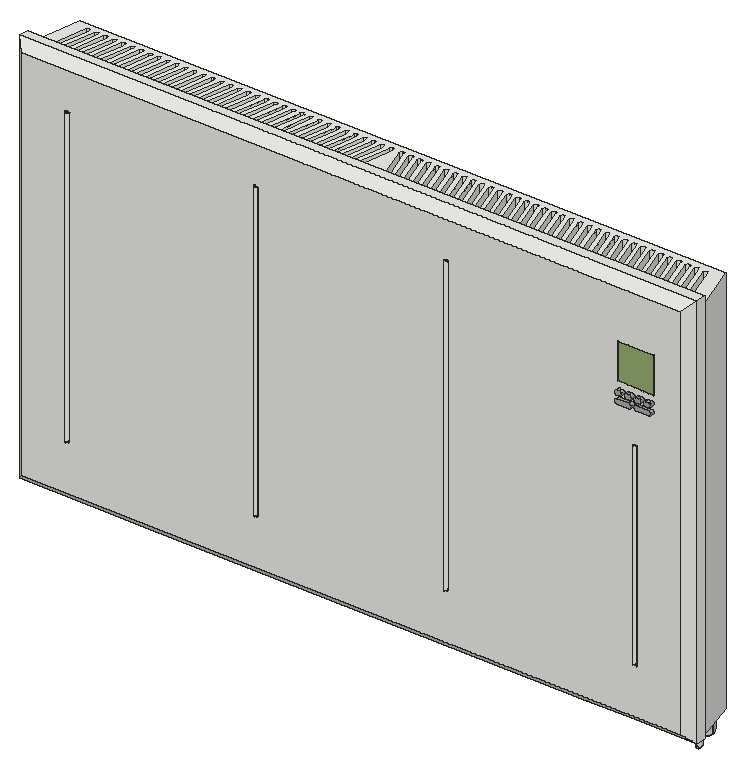
Revit family "MDN 750 PLUS", category Mechanical Equipment, Revit 2018 (continued)
Forms (mm)
  Revolve 65, void
    sketch origin (502.5, 200, 2) x (1, 0, 0) y (0, 1, 0)
      axis (-345, -164.5) -> (-340, -164.5)
    angle from 0 to -90
  Revolve 66, void
    sketch origin (522.5, 200, 2) x (1, 0, 0) y (0, 1, 0)
      loop
        line (-345, -164.5) -> (-345, -177)
        arc (-345, -177) -> (-342.5, -179.5) -> (-340, -177) r 2.5
        line (-340, -177) -> (-340, -164.5) -> (-345, -164.5)
      axis (-345, -164.5) -> (-340, -164.5)
    angle from 0 to -90
  Revolve 67, void
    sketch origin (542.5, 200, 2) x (1, 0, 0) y (0, 1, 0)
      loop
        line (-345, -164.5) -> (-345, -177)
        arc (-345, -177) -> (-342.5, -179.5) -> (-340, -177) r 2.5
        line (-340, -177) -> (-340, -164.5) -> (-345, -164.5)
      axis (-345, -164.5) -> (-340, -164.5)
    angle from 0 to -90
  Revolve 68, void
    sketch origin (532.5, 200, 2) x (1, 0, 0) y (0, 1, 0)
      loop
        line (-345, -164.5) -> (-345, -177)
        arc (-345, -177) -> (-342.5, -179.5) -> (-340, -177) r 2.5
        line (-340, -177) -> (-340, -164.5) -> (-345, -164.5)
      axis (-345, -164.5) -> (-340, -164.5)
    angle from 0 to -90
  Revolve 69, void
    sketch origin (562.5, 200, 2) x (1, 0, 0) y (0, 1, 0)
      loop
        line (-345, -164.5) -> (-345, -177)
        arc (-345, -177) -> (-342.5, -179.5) -> (-340, -177) r 2.5
        line (-340, -177) -> (-340, -164.5) -> (-345, -164.5)
      axis (-345, -164.5) -> (-340, -164.5)
    angle from 0 to -90
  Revolve 70, void
    sketch origin (552.5, 200, 2) x (1, 0, 0) y (0, 1, 0)
      loop
        line (-345, -164.5) -> (-345, -177)
        arc (-345, -177) -> (-342.5, -179.5) -> (-340, -177) r 2.5
        line (-340, -177) -> (-340, -164.5) -> (-345, -164.5)
      axis (-345, -164.5) -> (-340, -164.5)
    angle from 0 to -90
  Revolve 71, void
    sketch origin (572.5, 200, 2) x (1, 0, 0) y (0, 1, 0)
      loop
        line (-345, -164.5) -> (-345, -177)
        arc (-345, -177) -> (-342.5, -179.5) -> (-340, -177) r 2.5
        line (-340, -177) -> (-340, -164.5) -> (-345, -164.5)
      axis (-345, -164.5) -> (-340, -164.5)
    angle from 0 to -90
  Revolve 72, void
    sketch origin (582.5, 200, 2) x (1, 0, 0) y (0, 1, 0)
      loop
        line (-345, -164.5) -> (-345, -177)
        arc (-345, -177) -> (-342.5, -179.5) -> (-340, -177) r 2.5
        line (-340, -177) -> (-340, -164.5) -> (-345, -164.5)
      axis (-345, -164.5) -> (-340, -164.5)
    angle from 0 to -90
  Extrusion 73, void
    sketch origin (0, 0, 0) x (1, 0, 0) y (0, 1, 0)
      loop
        circle (286, -13) r 2
      loop
        circle (264, -13) r 2
      loop
        circle (286, 21) r 2
      loop
        circle (264, 21) r 2
      loop
        circle (-264, -13) r 2
      loop
        circle (-286, -13) r 2
      loop
        circle (-264, 21) r 2
      loop
        circle (-286, 21) r 2
    from 2 to 7
  Extrusion 74, solid, material "Zwart" <- "Zwart"
    sketch origin (0, 0, 0) x (1, 0, 0) y (0, 1, 0)
      loop
        circle (357, -0.5) r 7
    from 0.5 to 2
  Revolve 75, solid, material "Laquer White" <- "Colour"
    sketch origin (357, 0, 0) x (0, 1, 0) y (0, 0, 1)
      loop
        line (-0.5, 0.5) -> (-0.5, -21.5)
        arc (-0.5, -21.5) -> (1.621, -20.621) -> (2.5, -18.5) r 3
        line (2.5, -18.5) -> (2.5, 0.5) -> (-0.5, 0.5)
      axis (-0.5, 0.5) -> (-0.5, -21.5)
    angle from 0 to 360
  Extrusion 76, solid, material "Metaal" <- "Beugel"
    sketch origin (0, 0, 0) x (1, 0, 0) y (0, 0, 1)
      loop
        line (-201, 412) -> (-201, 402) -> (-222, 402) -> (-222, 367) -> (-22, 367) -> (-22, 32) -> (22, 32) -> (22, 367) -> (222, 367) -> (222, 402) -> (201, 402) -> (201, 412) -> (-201, 412)
      loop
        arc (-3, 51) -> (0, 42) -> (3, 51) r 5
        line (3, 51) -> (3, 62)
        arc (3, 62) -> (0, 65) -> (-3, 62) r 3
        line (-3, 62) -> (-3, 51)
      loop
        arc (-210, 381) -> (-207, 372) -> (-204, 381) r 5
        line (-204, 381) -> (-204, 392)
        arc (-204, 392) -> (-207, 395) -> (-210, 392) r 3
        line (-210, 392) -> (-210, 381)
      loop
        arc (204, 381) -> (207, 372) -> (210, 381) r 5
        line (210, 381) -> (210, 392)
        arc (210, 392) -> (207, 395) -> (204, 392) r 3
        line (204, 392) -> (204, 381)
    from -50.5 to -35.5
  Extrusion 77, void
    sketch origin (0, 0, 0) x (0, 1, 0) y (0, 0, 1)
      loop
        line (50.5, 412) -> (44.5, 412) -> (50.5, 402) -> (50.5, 412)
    from -201 to 201
  Extrusion 78, void
    sketch origin (0, 0, 0) x (0, 1, 0) y (0, 0, 1)
      loop
        line (35.5, 412) -> (35.5, 32.8) -> (49.7, 32.8) -> (49.7, 401.778) -> (43.567, 412) -> (35.5, 412)
    from -221.2 to 221.2
Cuts and joins
  Sweep 2, Blend 3, Blend 4, Blend 5, Blend 6, Extrusion 7, Extrusion 14, Extrusion 15 cuts Extrusion 1
  Extrusion 11, Extrusion 12, Extrusion 13, Extrusion 16, Revolve 17, Revolve 18, Revolve 19, Revolve 20, Revolve 21, Revolve 22, Revolve 23, Revolve 24, Revolve 25, Revolve 26, Revolve 27, Revolve 28, Revolve 29, Revolve 30, Revolve 31, Revolve 32, Revolve 33, Revolve 34, Revolve 35, Revolve 36, Revolve 37, Revolve 38, Revolve 39, Revolve 40, Revolve 41, Revolve 42, Revolve 43, Revolve 44, Revolve 45, Revolve 46, Revolve 47, Revolve 48, Revolve 49, Revolve 50, Revolve 51, Revolve 52, Revolve 53, Revolve 54, Revolve 55, Revolve 56, Revolve 57, Revolve 58, Revolve 59, Revolve 60, Revolve 61, Revolve 62, Revolve 63, Revolve 64, Revolve 65, Revolve 66, Revolve 67, Revolve 68, Revolve 69, Revolve 70, Revolve 71, Revolve 72, Extrusion 73 cuts Extrusion 10
  Extrusion 77, Extrusion 78 cuts Extrusion 76
Lines and regions (mm)
  sketch lines
    curve 1: line (375, -35.5, 440) -> (-375, -35.5, 440)
    curve 2: line (375, -35.5, 0) -> (375, -35.5, 440)
    curve 3: line (-375, -35.5, 0) -> (375, -35.5, 0)
    curve 4: line (-375, -35.5, 440) -> (-375, -35.5, 0)
Dimensions and locks
  equal spacing: plane 8, plane 1 "Center (Front/Back)", plane 7
  "Diepte": plane 8 to plane 7
  equal spacing: plane 5, plane 3 "Center (Left/Right)", plane 4
  "Breedte": plane 5 to plane 4
  "Hoogte": plane 6 to level
  aligned and locked: level to plane 2
  aligned and locked: profile plane to Sweep 2 sketch curve  (x2)
Automatic sketch dimensions
  Extrusion 1 sketch curve to level = 0 mm
  Extrusion 1 sketch curve to plane 5 = 0 mm
  Extrusion 1 sketch curve to plane 4 = 0 mm
  Extrusion 1 sketch curve to plane 6 = 0 mm
  profile plane to Sweep 2 sketch curve = 10 mm
  Sweep 2 sketch curve to profile plane = 10 mm
  Blend 3 sketch curve to plane 4 = 61 mm
  Blend 3 sketch curve to Blend 3 sketch curve = 1 mm  (x4)
  level to Blend 3 sketch curve = 62 mm
  Blend 3 sketch curve to plane 6 = 162 mm
  Blend 3 sketch curve to plane 4 = 64 mm
  Blend 3 sketch curve to Blend 3 sketch curve = 5 mm  (x2)
  level to Blend 3 sketch curve = 60 mm
  Blend 3 sketch curve to plane 6 = 161 mm
  plane 5 to Blend 4 sketch curve = 60 mm
  Blend 4 sketch curve to Blend 4 sketch curve = 1 mm  (x4)
  level to Blend 4 sketch curve = 62 mm
  Blend 4 sketch curve to plane 6 = 52 mm
  plane 5 to Blend 4 sketch curve = 57 mm
  Blend 4 sketch curve to Blend 4 sketch curve = 5 mm  (x2)
  level to Blend 4 sketch curve = 60 mm
  Blend 4 sketch curve to plane 6 = 51 mm
  Blend 5 sketch curve to plane 3 "Center (Left/Right)" = 106 mm
  Blend 5 sketch curve to Blend 5 sketch curve = 1 mm  (x4)
  level to Blend 5 sketch curve = 62 mm
  Blend 5 sketch curve to plane 6 = 52 mm
  Blend 5 sketch curve to plane 3 "Center (Left/Right)" = 109 mm
  Blend 5 sketch curve to Blend 5 sketch curve = 5 mm  (x2)
  level to Blend 5 sketch curve = 60 mm
  Blend 5 sketch curve to plane 6 = 51 mm
  plane 3 "Center (Left/Right)" to Blend 6 sketch curve = 105 mm
  Blend 6 sketch curve to Blend 6 sketch curve = 1 mm  (x4)
  level to Blend 6 sketch curve = 62 mm
  Blend 6 sketch curve to plane 6 = 52 mm
  plane 3 "Center (Left/Right)" to Blend 6 sketch curve = 102 mm
  Blend 6 sketch curve to Blend 6 sketch curve = 5 mm  (x2)
  level to Blend 6 sketch curve = 60 mm
  Blend 6 sketch curve to plane 6 = 51 mm
  Extrusion 7 sketch curve to plane 4 = 80 mm
  Extrusion 7 sketch curve to plane 4 = 40 mm
  Extrusion 7 sketch curve to plane 6 = 104 mm
  Extrusion 7 sketch curve to Extrusion 7 sketch curve = 40 mm
  Extrusion 8 sketch curve to plane 4 = 80 mm
  Extrusion 8 sketch curve to plane 4 = 40 mm
  Extrusion 8 sketch curve to plane 6 = 104 mm
  Extrusion 8 sketch curve to Extrusion 8 sketch curve = 40 mm
  Extrusion 9 sketch curve to plane 4 = 77.5 mm
  Extrusion 9 sketch curve to Extrusion 9 sketch curve = 0 mm  (x3)
  Extrusion 9 sketch curve to Extrusion 9 sketch curve = 2.8 mm  (x5)
  Extrusion 9 sketch curve to Extrusion 9 sketch curve = 7.9 mm  (x2)
  Extrusion 9 sketch curve to Extrusion 9 sketch curve = 8 mm  (x2)
  Extrusion 9 sketch curve to plane 6 = 123.5 mm
  Extrusion 9 sketch curve to Extrusion 9 sketch curve = 2.5 mm  (x6)
  Extrusion 9 sketch curve to Extrusion 9 sketch curve = 3.5 mm  (x4)
  Extrusion 10 sketch curve to plane 7 = 0 mm
  level to Extrusion 10 sketch curve = 2 mm
  Extrusion 10 sketch curve to plane 8 = 10 mm
  Extrusion 10 sketch curve to plane 6 = 11.98 mm
  Extrusion 10 sketch curve to plane 6 = 6 mm
  plane 7 to Extrusion 11 sketch curve = 0 mm
  Extrusion 11 sketch curve to plane 4 = 17.592 mm
  Extrusion 11 sketch curve to plane 4 = 2 mm
  plane 1 "Center (Front/Back)" to Extrusion 11 sketch curve = 15.5 mm
  plane 7 to Extrusion 12 sketch curve = 0 mm
  Extrusion 12 sketch curve to plane 5 = 17.592 mm
  Extrusion 12 sketch curve to plane 5 = 2 mm
  Extrusion 12 sketch curve to plane 1 "Center (Front/Back)" = 15.5 mm
  plane 1 "Center (Front/Back)" to Extrusion 13 sketch curve = 6.378 mm  (x70)
  plane 5 to Extrusion 13 sketch curve = 19.789 mm
  Extrusion 13 sketch curve to Extrusion 13 sketch curve = 2.391 mm  (x280)
  plane 1 "Center (Front/Back)" to Extrusion 13 sketch curve = 7.84 mm  (x69)
  Extrusion 13 sketch curve to Extrusion 13 sketch curve = 5.118 mm  (x136)
  plane 7 to Extrusion 13 sketch curve = 8.408 mm  (x68)
  plane 5 to Extrusion 13 sketch curve = 30.022 mm
  plane 7 to Extrusion 13 sketch curve = 9.87 mm  (x68)
  plane 3 "Center (Left/Right)" to Extrusion 13 sketch curve = 3.597 mm
  plane 3 "Center (Left/Right)" to Extrusion 13 sketch curve = 13.83 mm
  Extrusion 13 sketch curve to Extrusion 13 sketch curve = 1.462 mm  (x2)
  Extrusion 13 sketch curve to Extrusion 13 sketch curve = 0 mm
  Extrusion 13 sketch curve to Extrusion 13 sketch curve = 0.731 mm  (x2)
  Extrusion 14 sketch curve to plane 8 = 10 mm
  Extrusion 14 sketch curve to plane 4 = 122 mm
  plane 1 "Center (Front/Back)" to Extrusion 14 sketch curve = 15.5 mm
  Extrusion 14 sketch curve to Extrusion 14 sketch curve = 44 mm
  plane 8 to Extrusion 15 sketch curve = 10 mm
  Extrusion 15 sketch curve to plane 5 = 122 mm
  Extrusion 15 sketch curve to plane 1 "Center (Front/Back)" = 15.5 mm
  Extrusion 15 sketch curve to Extrusion 15 sketch curve = 44 mm
  plane 5 to Extrusion 16 sketch curve = 25 mm
  Extrusion 16 sketch curve to Extrusion 16 sketch curve = 2.5 mm  (x57)
  Extrusion 16 sketch curve to Extrusion 16 sketch curve = 5 mm  (x54)
  plane 1 "Center (Front/Back)" to Extrusion 16 sketch curve = 9 mm  (x31)
  Extrusion 16 sketch curve to Extrusion 16 sketch curve = 57.967 mm
  Extrusion 16 sketch curve to Extrusion 16 sketch curve = 2.266 mm
  plane 3 "Center (Left/Right)" to Extrusion 16 sketch curve = 2.5 mm
  Extrusion 16 sketch curve to Extrusion 16 sketch curve = 57.5 mm
  Extrusion 16 sketch curve to Extrusion 16 sketch curve = 0 mm  (x76)
  Extrusion 16 sketch curve to plane 1 "Center (Front/Back)" = 16 mm  (x9)
  plane 7 to Revolve 17 sketch curve = 0 mm  (x2)
  plane 5 to Revolve 17 sketch curve = 30 mm
  Revolve 17 sketch curve to Revolve 17 sketch curve = 2.5 mm  (x3)
  plane 7 to Revolve 17 sketch curve = 12.5 mm
  plane 7 to Revolve 18 sketch curve = 0 mm  (x2)
  plane 5 to Revolve 18 sketch curve = 20 mm
  Revolve 18 sketch curve to Revolve 18 sketch curve = 2.5 mm  (x3)
  plane 7 to Revolve 18 sketch curve = 12.5 mm
  plane 7 to Revolve 19 sketch curve = 0 mm  (x2)
  plane 7 to Revolve 19 sketch curve = 12.5 mm
  plane 5 to Revolve 19 sketch curve = 40 mm
  Revolve 19 sketch curve to Revolve 19 sketch curve = 2.5 mm  (x3)
  plane 7 to Revolve 20 sketch curve = 0 mm  (x2)
  plane 7 to Revolve 20 sketch curve = 12.5 mm
  plane 5 to Revolve 20 sketch curve = 60 mm
  Revolve 20 sketch curve to Revolve 20 sketch curve = 2.5 mm  (x3)
  plane 7 to Revolve 21 sketch curve = 0 mm  (x2)
  plane 7 to Revolve 21 sketch curve = 12.5 mm
  plane 5 to Revolve 21 sketch curve = 50 mm
  Revolve 21 sketch curve to Revolve 21 sketch curve = 2.5 mm  (x3)
  plane 7 to Revolve 22 sketch curve = 0 mm  (x2)
  plane 7 to Revolve 22 sketch curve = 12.5 mm
  Revolve 22 sketch curve to plane 4 = 60 mm
  Revolve 22 sketch curve to Revolve 22 sketch curve = 2.5 mm  (x3)
  plane 7 to Revolve 23 sketch curve = 0 mm  (x2)
  plane 7 to Revolve 23 sketch curve = 12.5 mm
  Revolve 23 sketch curve to plane 4 = 50 mm
  Revolve 23 sketch curve to Revolve 23 sketch curve = 2.5 mm  (x3)
  plane 7 to Revolve 24 sketch curve = 0 mm  (x2)
  plane 7 to Revolve 24 sketch curve = 12.5 mm
  plane 5 to Revolve 24 sketch curve = 142.5 mm
  Revolve 24 sketch curve to Revolve 24 sketch curve = 2.5 mm  (x3)
  plane 7 to Revolve 25 sketch curve = 0 mm  (x2)
  plane 7 to Revolve 25 sketch curve = 12.5 mm
  plane 5 to Revolve 25 sketch curve = 132.5 mm
  Revolve 25 sketch curve to Revolve 25 sketch curve = 2.5 mm  (x3)
  plane 7 to Revolve 26 sketch curve = 0 mm  (x2)
  plane 7 to Revolve 26 sketch curve = 12.5 mm
  plane 5 to Revolve 26 sketch curve = 152.5 mm
  Revolve 26 sketch curve to Revolve 26 sketch curve = 2.5 mm  (x3)
  plane 7 to Revolve 27 sketch curve = 0 mm  (x2)
  plane 7 to Revolve 27 sketch curve = 12.5 mm
  plane 5 to Revolve 27 sketch curve = 172.5 mm
  Revolve 27 sketch curve to Revolve 27 sketch curve = 2.5 mm  (x3)
  plane 7 to Revolve 28 sketch curve = 0 mm  (x2)
  plane 7 to Revolve 28 sketch curve = 12.5 mm
  plane 5 to Revolve 28 sketch curve = 162.5 mm
  Revolve 28 sketch curve to Revolve 28 sketch curve = 2.5 mm  (x3)
  plane 7 to Revolve 29 sketch curve = 0 mm  (x2)
  plane 7 to Revolve 29 sketch curve = 12.5 mm
  Revolve 29 sketch curve to plane 3 "Center (Left/Right)" = 182.5 mm
  Revolve 29 sketch curve to Revolve 29 sketch curve = 2.5 mm  (x3)
  plane 7 to Revolve 30 sketch curve = 0 mm  (x2)
  plane 7 to Revolve 30 sketch curve = 12.5 mm
  plane 5 to Revolve 30 sketch curve = 182.5 mm
  Revolve 30 sketch curve to Revolve 30 sketch curve = 2.5 mm  (x3)
  plane 7 to Revolve 31 sketch curve = 0 mm  (x2)
  plane 7 to Revolve 31 sketch curve = 12.5 mm
  Revolve 31 sketch curve to plane 3 "Center (Left/Right)" = 172.5 mm
  Revolve 31 sketch curve to Revolve 31 sketch curve = 2.5 mm  (x3)
  plane 7 to Revolve 32 sketch curve = 0 mm  (x2)
  plane 7 to Revolve 32 sketch curve = 12.5 mm
  Revolve 32 sketch curve to plane 3 "Center (Left/Right)" = 152.5 mm
  Revolve 32 sketch curve to Revolve 32 sketch curve = 2.5 mm  (x3)
  plane 7 to Revolve 33 sketch curve = 0 mm  (x2)
  plane 7 to Revolve 33 sketch curve = 12.5 mm
  Revolve 33 sketch curve to plane 3 "Center (Left/Right)" = 162.5 mm
  Revolve 33 sketch curve to Revolve 33 sketch curve = 2.5 mm  (x3)
  plane 7 to Revolve 34 sketch curve = 0 mm  (x2)
  plane 7 to Revolve 34 sketch curve = 12.5 mm
  Revolve 34 sketch curve to plane 3 "Center (Left/Right)" = 132.5 mm
  Revolve 34 sketch curve to Revolve 34 sketch curve = 2.5 mm  (x3)
  plane 7 to Revolve 35 sketch curve = 0 mm  (x2)
  plane 7 to Revolve 35 sketch curve = 12.5 mm
  Revolve 35 sketch curve to plane 3 "Center (Left/Right)" = 142.5 mm
  Revolve 35 sketch curve to Revolve 35 sketch curve = 2.5 mm  (x3)
  plane 7 to Revolve 36 sketch curve = 0 mm  (x2)
  plane 7 to Revolve 36 sketch curve = 12.5 mm
  Revolve 36 sketch curve to plane 3 "Center (Left/Right)" = 122.5 mm
  Revolve 36 sketch curve to Revolve 36 sketch curve = 2.5 mm  (x3)
  plane 7 to Revolve 37 sketch curve = 0 mm  (x2)
  plane 7 to Revolve 37 sketch curve = 12.5 mm
  Revolve 37 sketch curve to plane 3 "Center (Left/Right)" = 102.5 mm
  Revolve 37 sketch curve to Revolve 37 sketch curve = 2.5 mm  (x3)
  plane 7 to Revolve 38 sketch curve = 0 mm  (x2)
  plane 7 to Revolve 38 sketch curve = 12.5 mm
  Revolve 38 sketch curve to plane 3 "Center (Left/Right)" = 112.5 mm
  Revolve 38 sketch curve to Revolve 38 sketch curve = 2.5 mm  (x3)
  plane 7 to Revolve 39 sketch curve = 0 mm  (x2)
  plane 7 to Revolve 39 sketch curve = 12.5 mm
  Revolve 39 sketch curve to plane 3 "Center (Left/Right)" = 82.5 mm
  Revolve 39 sketch curve to Revolve 39 sketch curve = 2.5 mm  (x3)
  plane 7 to Revolve 40 sketch curve = 0 mm  (x2)
  plane 7 to Revolve 40 sketch curve = 12.5 mm
  Revolve 40 sketch curve to plane 3 "Center (Left/Right)" = 92.5 mm
  Revolve 40 sketch curve to Revolve 40 sketch curve = 2.5 mm  (x3)
  plane 7 to Revolve 41 sketch curve = 0 mm  (x2)
  plane 7 to Revolve 41 sketch curve = 12.5 mm
  Revolve 41 sketch curve to plane 3 "Center (Left/Right)" = 72.5 mm
  Revolve 41 sketch curve to Revolve 41 sketch curve = 2.5 mm  (x3)
  plane 7 to Revolve 42 sketch curve = 0 mm  (x2)
  plane 7 to Revolve 42 sketch curve = 12.5 mm
  Revolve 42 sketch curve to plane 3 "Center (Left/Right)" = 52.5 mm
  Revolve 42 sketch curve to Revolve 42 sketch curve = 2.5 mm  (x3)
  plane 7 to Revolve 43 sketch curve = 0 mm  (x2)
  plane 7 to Revolve 43 sketch curve = 12.5 mm
  Revolve 43 sketch curve to plane 3 "Center (Left/Right)" = 62.5 mm
  Revolve 43 sketch curve to Revolve 43 sketch curve = 2.5 mm  (x3)
  plane 7 to Revolve 44 sketch curve = 0 mm  (x2)
  Revolve 44 sketch curve to plane 3 "Center (Left/Right)" = 32.5 mm
  Revolve 44 sketch curve to Revolve 44 sketch curve = 2.5 mm  (x3)
  plane 7 to Revolve 44 sketch curve = 12.5 mm
  plane 7 to Revolve 45 sketch curve = 0 mm  (x2)
  plane 7 to Revolve 45 sketch curve = 12.5 mm
  Revolve 45 sketch curve to plane 3 "Center (Left/Right)" = 42.5 mm
  Revolve 45 sketch curve to Revolve 45 sketch curve = 2.5 mm  (x3)
  plane 7 to Revolve 46 sketch curve = 0 mm  (x2)
  Revolve 46 sketch curve to plane 3 "Center (Left/Right)" = 22.5 mm
  Revolve 46 sketch curve to Revolve 46 sketch curve = 2.5 mm  (x3)
  plane 7 to Revolve 46 sketch curve = 12.5 mm
  plane 7 to Revolve 47 sketch curve = 0 mm  (x2)
  Revolve 47 sketch curve to plane 3 "Center (Left/Right)" = 0 mm
  Revolve 47 sketch curve to plane 3 "Center (Left/Right)" = 2.5 mm
  plane 7 to Revolve 47 sketch curve = 12.5 mm
  Revolve 47 sketch curve to Revolve 47 sketch curve = 2.5 mm  (x2)
  plane 7 to Revolve 48 sketch curve = 0 mm  (x2)
  Revolve 48 sketch curve to plane 3 "Center (Left/Right)" = 12.5 mm
  Revolve 48 sketch curve to Revolve 48 sketch curve = 2.5 mm  (x3)
  plane 7 to Revolve 48 sketch curve = 12.5 mm
  plane 7 to Revolve 49 sketch curve = 0 mm  (x2)
  plane 3 "Center (Left/Right)" to Revolve 49 sketch curve = 17.5 mm
  Revolve 49 sketch curve to Revolve 49 sketch curve = 2.5 mm  (x3)
  plane 7 to Revolve 49 sketch curve = 12.5 mm
  plane 7 to Revolve 50 sketch curve = 0 mm  (x2)
  plane 3 "Center (Left/Right)" to Revolve 50 sketch curve = 7.5 mm
  Revolve 50 sketch curve to Revolve 50 sketch curve = 2.5 mm  (x3)
  plane 7 to Revolve 50 sketch curve = 12.5 mm
  plane 7 to Revolve 51 sketch curve = 0 mm  (x2)
  plane 3 "Center (Left/Right)" to Revolve 51 sketch curve = 27.5 mm
  Revolve 51 sketch curve to Revolve 51 sketch curve = 2.5 mm  (x3)
  plane 7 to Revolve 51 sketch curve = 12.5 mm
  plane 7 to Revolve 52 sketch curve = 0 mm  (x2)
  plane 7 to Revolve 52 sketch curve = 12.5 mm
  plane 3 "Center (Left/Right)" to Revolve 52 sketch curve = 47.5 mm
  Revolve 52 sketch curve to Revolve 52 sketch curve = 2.5 mm  (x3)
  plane 7 to Revolve 53 sketch curve = 0 mm  (x2)
  plane 3 "Center (Left/Right)" to Revolve 53 sketch curve = 37.5 mm
  Revolve 53 sketch curve to Revolve 53 sketch curve = 2.5 mm  (x3)
  plane 7 to Revolve 53 sketch curve = 12.5 mm
  plane 7 to Revolve 54 sketch curve = 0 mm  (x2)
  plane 7 to Revolve 54 sketch curve = 12.5 mm
  plane 3 "Center (Left/Right)" to Revolve 54 sketch curve = 67.5 mm
  Revolve 54 sketch curve to Revolve 54 sketch curve = 2.5 mm  (x3)
  plane 7 to Revolve 55 sketch curve = 0 mm  (x2)
  plane 7 to Revolve 55 sketch curve = 12.5 mm
  plane 3 "Center (Left/Right)" to Revolve 55 sketch curve = 57.5 mm
  Revolve 55 sketch curve to Revolve 55 sketch curve = 2.5 mm  (x3)
  plane 7 to Revolve 56 sketch curve = 0 mm  (x2)
  plane 7 to Revolve 56 sketch curve = 12.5 mm
  plane 3 "Center (Left/Right)" to Revolve 56 sketch curve = 77.5 mm
  Revolve 56 sketch curve to Revolve 56 sketch curve = 2.5 mm  (x3)
  plane 7 to Revolve 57 sketch curve = 0 mm  (x2)
  plane 7 to Revolve 57 sketch curve = 12.5 mm
  plane 3 "Center (Left/Right)" to Revolve 57 sketch curve = 97.5 mm
  Revolve 57 sketch curve to Revolve 57 sketch curve = 2.5 mm  (x3)
  plane 7 to Revolve 58 sketch curve = 0 mm  (x2)
  plane 7 to Revolve 58 sketch curve = 12.5 mm
  plane 3 "Center (Left/Right)" to Revolve 58 sketch curve = 87.5 mm
  Revolve 58 sketch curve to Revolve 58 sketch curve = 2.5 mm  (x3)
  plane 7 to Revolve 59 sketch curve = 0 mm  (x2)
  plane 7 to Revolve 59 sketch curve = 12.5 mm
  plane 3 "Center (Left/Right)" to Revolve 59 sketch curve = 117.5 mm
  Revolve 59 sketch curve to Revolve 59 sketch curve = 2.5 mm  (x3)
  plane 7 to Revolve 60 sketch curve = 0 mm  (x2)
  plane 7 to Revolve 60 sketch curve = 12.5 mm
  plane 3 "Center (Left/Right)" to Revolve 60 sketch curve = 107.5 mm
  Revolve 60 sketch curve to Revolve 60 sketch curve = 2.5 mm  (x3)
  plane 7 to Revolve 61 sketch curve = 0 mm  (x2)
  plane 7 to Revolve 61 sketch curve = 12.5 mm
  plane 3 "Center (Left/Right)" to Revolve 61 sketch curve = 127.5 mm
  Revolve 61 sketch curve to Revolve 61 sketch curve = 2.5 mm  (x3)
  plane 7 to Revolve 62 sketch curve = 0 mm  (x2)
  plane 7 to Revolve 62 sketch curve = 12.5 mm
  plane 3 "Center (Left/Right)" to Revolve 62 sketch curve = 147.5 mm
  Revolve 62 sketch curve to Revolve 62 sketch curve = 2.5 mm  (x3)
  plane 7 to Revolve 63 sketch curve = 0 mm  (x2)
  plane 7 to Revolve 63 sketch curve = 12.5 mm
  plane 3 "Center (Left/Right)" to Revolve 63 sketch curve = 137.5 mm
  Revolve 63 sketch curve to Revolve 63 sketch curve = 2.5 mm  (x3)
  plane 7 to Revolve 64 sketch curve = 0 mm  (x2)
  plane 7 to Revolve 64 sketch curve = 12.5 mm
  plane 3 "Center (Left/Right)" to Revolve 64 sketch curve = 167.5 mm
  Revolve 64 sketch curve to Revolve 64 sketch curve = 2.5 mm  (x3)
  plane 7 to Revolve 65 sketch curve = 0 mm  (x2)
  plane 7 to Revolve 65 sketch curve = 12.5 mm
  plane 3 "Center (Left/Right)" to Revolve 65 sketch curve = 157.5 mm
  Revolve 65 sketch curve to Revolve 65 sketch curve = 2.5 mm  (x3)
  plane 7 to Revolve 66 sketch curve = 0 mm  (x2)
  plane 7 to Revolve 66 sketch curve = 12.5 mm
  plane 3 "Center (Left/Right)" to Revolve 66 sketch curve = 177.5 mm
  Revolve 66 sketch curve to Revolve 66 sketch curve = 2.5 mm  (x3)
  plane 7 to Revolve 67 sketch curve = 0 mm  (x2)
  plane 7 to Revolve 67 sketch curve = 12.5 mm
  Revolve 67 sketch curve to plane 4 = 177.5 mm
  Revolve 67 sketch curve to Revolve 67 sketch curve = 2.5 mm  (x3)
  plane 7 to Revolve 68 sketch curve = 0 mm  (x2)
  plane 7 to Revolve 68 sketch curve = 12.5 mm
  plane 3 "Center (Left/Right)" to Revolve 68 sketch curve = 187.5 mm
  Revolve 68 sketch curve to Revolve 68 sketch curve = 2.5 mm  (x3)
  plane 7 to Revolve 69 sketch curve = 0 mm  (x2)
  plane 7 to Revolve 69 sketch curve = 12.5 mm
  Revolve 69 sketch curve to plane 4 = 157.5 mm
  Revolve 69 sketch curve to Revolve 69 sketch curve = 2.5 mm  (x3)
  plane 7 to Revolve 70 sketch curve = 0 mm  (x2)
  plane 7 to Revolve 70 sketch curve = 12.5 mm
  Revolve 70 sketch curve to plane 4 = 167.5 mm
  Revolve 70 sketch curve to Revolve 70 sketch curve = 2.5 mm  (x3)
  plane 7 to Revolve 71 sketch curve = 0 mm  (x2)
  plane 7 to Revolve 71 sketch curve = 12.5 mm
  Revolve 71 sketch curve to plane 4 = 147.5 mm
  Revolve 71 sketch curve to Revolve 71 sketch curve = 2.5 mm  (x3)
  plane 7 to Revolve 72 sketch curve = 0 mm  (x2)
  plane 7 to Revolve 72 sketch curve = 12.5 mm
  Revolve 72 sketch curve to plane 4 = 137.5 mm
  Revolve 72 sketch curve to Revolve 72 sketch curve = 2.5 mm  (x3)
  plane 1 "Center (Front/Back)" to Extrusion 73 sketch curve = 13 mm  (x4)
  plane 5 to Extrusion 73 sketch curve = 89 mm
  plane 7 to Extrusion 73 sketch curve = 14.5 mm  (x4)
  Extrusion 73 sketch curve to Extrusion 73 sketch curve = 0 mm  (x2)
  Extrusion 73 sketch curve to Extrusion 73 sketch curve = 22 mm  (x4)
  Extrusion 73 sketch curve to plane 4 = 111 mm
  plane 1 "Center (Front/Back)" to Extrusion 74 sketch curve = 0.5 mm
  Extrusion 74 sketch curve to plane 4 = 18 mm
  plane 1 "Center (Front/Back)" to Revolve 75 sketch curve = 0.5 mm  (x2)
  level to Revolve 75 sketch curve = 0.5 mm
  Revolve 75 sketch curve to plane 1 "Center (Front/Back)" = 2.5 mm
  Revolve 75 sketch curve to level = 18.5 mm
  Revolve 75 sketch curve to Revolve 75 sketch curve = 0.894 mm
  Revolve 75 sketch curve to Revolve 75 sketch curve = 3.899 mm
  Extrusion 76 sketch curve to plane 11 = 0 mm
  Extrusion 76 sketch curve to plane 10 = 0 mm
  Extrusion 76 sketch curve to plane 14 = 0 mm
  Extrusion 76 sketch curve to plane 13 = 0 mm
  Extrusion 76 sketch curve to plane 17 = 0 mm
  Extrusion 76 sketch curve to plane 3 "Center (Left/Right)" = 0 mm  (x2)
  Extrusion 76 sketch curve to plane 18 = 0 mm
  Extrusion 76 sketch curve to plane 15 = 0 mm
  Extrusion 76 sketch curve to plane 12 = 0 mm
  Extrusion 76 sketch curve to plane 16 = 0 mm  (x2)
  Extrusion 76 sketch curve to plane 9 = 0 mm  (x2)
  Extrusion 76 sketch curve to plane 14 = 9 mm
  Extrusion 76 sketch curve to Extrusion 76 sketch curve = 3 mm  (x3)
  Extrusion 76 sketch curve to plane 3 "Center (Left/Right)" = 3 mm
  Extrusion 76 sketch curve to plane 12 = 18 mm
  Extrusion 76 sketch curve to plane 12 = 15 mm
  plane 13 to Extrusion 76 sketch curve = 15 mm
  Extrusion 76 sketch curve to Extrusion 76 sketch curve = 4 mm  (x3)
  Extrusion 76 sketch curve to Extrusion 76 sketch curve = 11 mm
  plane 16 to Extrusion 76 sketch curve = 10 mm  (x2)
  Extrusion 76 sketch curve to plane 9 = 10 mm  (x2)
  Extrusion 77 sketch curve to plane 9 = 0 mm
  Extrusion 77 sketch curve to plane 10 = 0 mm
  Extrusion 77 sketch curve to plane 7 = 9 mm
  Extrusion 77 sketch curve to Extrusion 77 sketch curve = 6 mm
  Extrusion 78 sketch curve to plane 7 = 0 mm
  Extrusion 78 sketch curve to plane 9 = 0.222 mm
  plane 13 to Extrusion 78 sketch curve = 0.8 mm
  Extrusion 78 sketch curve to plane 10 = 0 mm
  Extrusion 78 sketch curve to plane 7 = 14.2 mm
  Extrusion 78 sketch curve to plane 7 = 8.067 mm
  radius of Extrusion 73 sketch curve = 2 mm  (x8)
  radius of Extrusion 74 sketch curve = 7 mm
Nested families
  nested 1: "Aansluiting 1" at (345, 20.5, -19), type "Aansluiting 1"
Connectors
  electrical at (345, 20.5, -14), driven by "Phase", driven by "Power (default)", driven by "Voltage"
    settings: on nested 1, index 1, voltage 230 V, apparent load 750 VA, apparent load phase1 0 VA, apparent load phase2 0 VA, apparent load phase3 0 VA, power factor 1, load classification "Other", number of poles 1, system type 30, power factor state 1, is connector primary yes, connector utility no, sub classification motor no, connector description ""
Definition of nested family "Aansluiting 1"
  Parameters (values of type "Aansluiting 1")
    Licht grijs = none
  Reference planes
    plane 1 "Center (Front/Back)": y = 0
    plane 2: z = 0
    plane 3 "Center (Left/Right)": x = 0
    plane 4: z = 21
  Forms (mm)
    Extrusion 1, solid, material <- "Licht grijs"
      sketch origin (0, 0, 0) x (1, 0, 0) y (0, 1, 0)
        loop
          line (-6.321, 9.053) -> (-11, 0.947) -> (-11, -0.947) -> (-6.321, -9.053) -> (-4.679, -10) -> (4.679, -10) -> (6.321, -9.053) -> (11, -0.947) -> (11, 0.947) -> (6.321, 9.053) -> (4.679, 10) -> (-4.679, 10) -> (-6.321, 9.053)
      from 16 to 21
    Extrusion 2, solid, material <- "Licht grijs"
      sketch origin (0, 0, 0) x (1, 0, 0) y (0, 1, 0)
        loop
          circle (0, 0) r 7
      from 14 to 16
    Extrusion 3, solid, material <- "Licht grijs"
      sketch origin (0, 0, 0) x (1, 0, 0) y (0, 1, 0)
        loop
          line (-6.321, 9.053) -> (-11, 0.947) -> (-11, -0.947) -> (-6.321, -9.053) -> (-4.679, -10) -> (4.679, -10) -> (6.321, -9.053) -> (11, -0.947) -> (11, 0.947) -> (6.321, 9.053) -> (4.679, 10) -> (-4.679, 10) -> (-6.321, 9.053)
      from -0.5 to 14
    Revolve 4, void
      sketch origin (0, 0, 0) x (1, 0, 0) y (0, 0, 1)
        loop
          line (-5.547, 0.004) -> (-6.347, 0.004)
          arc (-6.347, 0.004) -> (-10.354, 1.435) -> (-12.547, 5.081) r 6.324
          line (-12.547, 5.081) -> (-12.547, -1) -> (0, -1) -> (0, 5) -> (-5.547, 5) -> (-5.547, 0.004)
        axis (0, 5.081) -> (0, -1)
      angle from 0 to 360
  Cuts and joins
    Revolve 4 cuts Extrusion 3
  Dimensions and locks
    aligned and locked: level to plane 2
